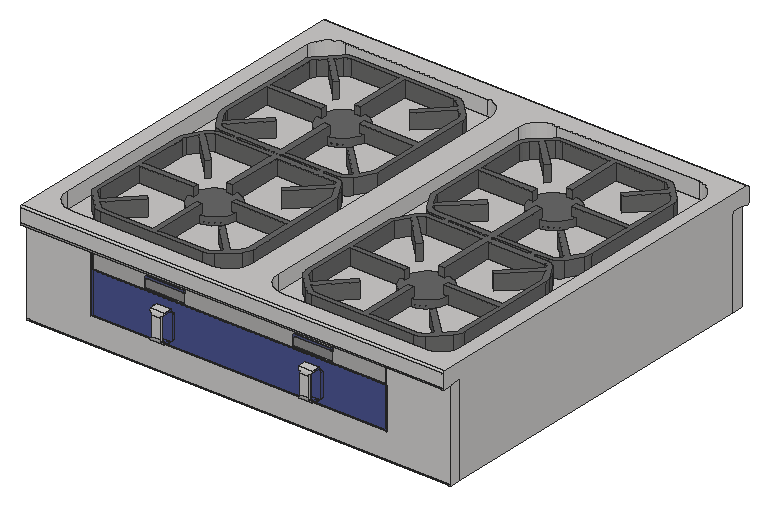
Revit family "QF_ELECTROLUXPROFESSIONAL_593309_MCGHAAJOVO", category Specialty Equipment, Revit 2018
Family settings
  Round Connector Dimension = Use Diameter
  Part Type = Normal
  Work Plane-Based = No
  Always vertical = Yes
  Cut with Voids When Loaded = No
  Shared = No
  Room Calculation Point = No
Parameters (values of type "Standard")
  Weight = 82.00 kg
  Watts = 0 W
  Volts = 0 V
  URL Manufacturer = "http://professional.electrolux.com"
  URL = "http://professional.electrolux.com"
  Steam Supply Size = 0"
  Steam Supply Minimum Pressure = 0.00 psi
  Steam Supply Maximum Pressure = 0.00 psi
  Steam Pounds per Hour = 0
  Refrigeration Suction Line Size = 0 mm
  Refrigeration Liquid Line Size = 0 mm
  Refrigerant Compressor Remote = yes
  Phase = 0
  Model = "MCGHAAJOVO"
  Manufacturer = "Electrolux Professional"
  Length Actual = 1000 mm  # constant formula
  Item Number = "593309"
  Hot Water Size = 0"
  Height Actual = 250 mm  # constant formula
  HP = "0 HP"
  Gas Size = 1/2"
  Gas KW = 34
  Gas Input Pressure = 3.27142 Btu/h
  Direct Waste Size = 0"
  Description = "GAS TOP,4B,TOWNGAS,1S,1000X900X250H"
  Depth Actual = 900 mm  # constant formula
  Cycle = 0 Hz
  Condensate Return Size = 0"
  Compressed Air Volume = 0 GPM
  Compressed Air Size = 0"
  Compressed Air Pressure = 0.00 psi
  Cold Water Size = 0"
  Accessory = yes
Reference planes
  plane 1 "BACK": y = 0
  plane 2: z = 0
  plane 3 "LEFT": x = 0
  plane 4 "RIGHT": x = 1000
  plane 5 "FRONT": y = -900
  plane 6 "TOP": z = 250
  plane 7: x = 500
  plane 8: y = -450
  plane 9: x = 965
  plane 10: y = -60.425
Forms (mm)
  Extrusion 1, solid, material "QF_Finishes_Stainless Steel"
    sketch origin (0, -487.128, 0) x (0, 1, 0) y (0, 0, 1)
      loop
        line (483.128, 250) -> (-408.872, 250)
        arc (-408.872, 250) -> (-411.7, 248.828) -> (-412.872, 246) r 4
        line (-412.872, 246) -> (-412.872, 214)
        arc (-412.872, 214) -> (-411.437, 210.931) -> (-408.161, 210.064) r 4
        line (-408.161, 210.064) -> (-392.872, 213) -> (-367.872, 213) -> (-367.872, 0) -> (442.128, 0) -> (442.128, 213) -> (465.765, 213) -> (482.433, 210.061)
        arc (482.433, 210.061) -> (485.699, 210.936) -> (487.128, 214) r 4
        line (487.128, 214) -> (487.128, 246)
        arc (487.128, 246) -> (485.956, 248.828) -> (483.128, 250) r 4
    from 0 to 1000
  Extrusion 2, void
    sketch origin (653.786, 44.048, 250) x (1, 0, 0) y (0, -1, 0)
      loop
        line (-570.234, 89.462) -> (-234.333, 89.462)
        arc (-234.333, 89.462) -> (-199.707, 103.805) -> (-185.364, 138.432) r 48.97
        line (-185.364, 138.432) -> (-185.364, 850.078)
        arc (-185.364, 850.078) -> (-199.707, 884.705) -> (-234.333, 899.048) r 48.97
        line (-234.333, 899.048) -> (-570.234, 899.048)
        arc (-570.234, 899.048) -> (-605.59, 884.403) -> (-620.234, 849.048) r 50
        line (-620.234, 849.048) -> (-620.234, 139.462)
        arc (-620.234, 139.462) -> (-605.59, 104.107) -> (-570.234, 89.462) r 50
      loop
        line (264.679, 899.048) -> (-71.222, 899.048)
        arc (-71.222, 899.048) -> (-106.577, 884.403) -> (-121.222, 849.048) r 50
        line (-121.222, 849.048) -> (-121.222, 139.462)
        arc (-121.222, 139.462) -> (-106.577, 104.107) -> (-71.222, 89.462) r 50
        line (-71.222, 89.462) -> (264.679, 89.462)
        arc (264.679, 89.462) -> (299.306, 103.805) -> (313.649, 138.432) r 48.97
        line (313.649, 138.432) -> (313.649, 850.078)
        arc (313.649, 850.078) -> (299.306, 884.705) -> (264.679, 899.048) r 48.97
    from 0 to 37
  Extrusion 3, solid, material "QF_Finishes_Stainless Steel"
    sketch origin (10, -759, 0) x (1, 0, 0) y (0, -1, 0)
      loop
        circle (955, -169) r 6.35
    from 0 to 3.2
Cuts and joins
  Extrusion 2 cuts Extrusion 1
Lines and regions (mm)
  symbolic lines
    curve 1: line (0, 0, 0) -> (1000, 0, 0)
    curve 2: line (0, -900, 0) -> (0, 0, 0)
    curve 3: line (1000, -900, 0) -> (0, -900, 0)
    curve 4: line (1000, 0, 0) -> (1000, -900, 0)
    curve 5: arc (83.552, -855, 0) -> (48.197, -840.355, 0) -> (33.552, -805, 0) r 50
    curve 6: line (33.552, -805, 0) -> (33.552, -95.414, 0)
    curve 7: arc (33.552, -95.414, 0) -> (48.197, -60.059, 0) -> (83.552, -45.414, 0) r 50
    curve 8: line (83.552, -45.414, 0) -> (417.592, -45.414, 0)
    curve 9: arc (918.465, -45.414, 0) -> (953.092, -59.757, 0) -> (967.435, -94.384, 0) r 48.97
    curve 10: line (967.435, -94.384, 0) -> (967.435, -806.03, 0)
    curve 11: arc (967.435, -806.03, 0) -> (953.092, -840.657, 0) -> (918.465, -855, 0) r 48.97
    curve 12: line (918.465, -855, 0) -> (582.408, -855, 0)
    curve 13: line (582.408, -45.414, 0) -> (918.465, -45.414, 0)
    curve 14: line (417.592, -855, 0) -> (83.552, -855, 0)
    curve 15: arc (582.408, -855, 0) -> (547.053, -840.355, 0) -> (532.408, -805, 0) r 50
    curve 16: line (532.408, -805, 0) -> (532.408, -95.414, 0)
    curve 17: arc (532.408, -95.414, 0) -> (547.053, -60.059, 0) -> (582.408, -45.414, 0) r 50
    curve 18: arc (417.592, -855, 0) -> (452.947, -840.355, 0) -> (467.592, -805, 0) r 50
    curve 19: line (467.592, -805, 0) -> (467.592, -95.414, 0)
    curve 20: arc (467.592, -95.414, 0) -> (452.947, -60.059, 0) -> (417.592, -45.414, 0) r 50
Dimensions and locks
  plane 3 "LEFT" to plane 4 "RIGHT" = 1000 mm
  plane 5 "FRONT" to plane 1 "BACK" = 900 mm
  equal spacing: plane 3 "LEFT", plane 7, plane 4 "RIGHT"
  equal spacing: plane 5 "FRONT", plane 8, plane 1 "BACK"
  plane 6 "TOP" to level = 250 mm  (x2)
  plane 1 "BACK" to plane 5 "FRONT" = 900 mm
  Extrusion 3 sketch curve to plane 1 "BACK" = 590 mm
  Extrusion 3 sketch curve to plane 4 "RIGHT" = 35 mm
  plane 1 "BACK" to Extrusion 3 = 590 mm
  plane 9 to plane 4 "RIGHT" = 35 mm
  aligned and locked: level to plane 2
  aligned and locked: Extrusion 1 to plane 4 "RIGHT"
Automatic sketch dimensions
  Extrusion 1 sketch curve to plane 5 "FRONT" = 0 mm
  Extrusion 1 sketch curve to plane 6 "TOP" = 0 mm
  Extrusion 1 sketch curve to level = 0 mm
  Extrusion 1 sketch curve to plane 1 "BACK" = 0 mm
  Extrusion 1 sketch curve to plane 6 "TOP" = 37 mm  (x2)
  Extrusion 1 sketch curve to plane 5 "FRONT" = 4 mm
  Extrusion 1 sketch curve to plane 5 "FRONT" = 20 mm
  Extrusion 1 sketch curve to plane 5 "FRONT" = 45 mm
  plane 1 "BACK" to Extrusion 1 sketch curve = 21.363 mm
  plane 1 "BACK" to Extrusion 1 sketch curve = 4 mm  (x2)
  Extrusion 1 sketch curve to Extrusion 1 sketch curve = 4 mm
  Extrusion 1 sketch curve to Extrusion 1 sketch curve = 0.711 mm
  plane 1 "BACK" to Extrusion 1 sketch curve = 4.695 mm
  Extrusion 1 sketch curve to Extrusion 1 sketch curve = 0 mm  (x2)
  Extrusion 1 sketch curve to Extrusion 1 sketch curve = 1 mm  (x2)
  plane 1 "BACK" to Extrusion 1 sketch curve = 45 mm
  plane 1 "BACK" to curve 1 = 0 mm
  curve 1 to plane 4 "RIGHT" = 0 mm
  curve 3 to plane 3 "LEFT" = 0 mm
  plane 5 "FRONT" to curve 3 = 0 mm
  curve 10 to plane 9 = 2.435 mm
  plane 10 to curve 13 = 15.012 mm
  plane 9 to curve 13 = 46.535 mm
  plane 9 to curve 12 = 46.535 mm
  plane 7 to curve 16 = 32.408 mm
  curve 19 to plane 7 = 32.408 mm
  plane 3 "LEFT" to curve 8 = 83.552 mm
  plane 3 "LEFT" to curve 14 = 83.552 mm
  plane 3 "LEFT" to curve 6 = 33.552 mm
  curve 15 to curve 16 = 50 mm
  curve 20 to plane 10 = 34.988 mm
  curve 18 to plane 5 "FRONT" = 45 mm
  curve 19 to curve 18 = 50 mm
  Extrusion 1 to Extrusion 2 sketch curve = 33.552 mm
  Extrusion 1 to Extrusion 2 sketch curve = 41 mm  (x2)
  Extrusion 2 sketch curve to Extrusion 2 sketch curve = 50 mm  (x4)
  Extrusion 1 to Extrusion 2 sketch curve = 41.414 mm
  Extrusion 2 sketch curve to Extrusion 2 sketch curve = 335.901 mm  (x2)
  Extrusion 2 sketch curve to Extrusion 2 sketch curve = 48.97 mm
  Extrusion 2 sketch curve to Extrusion 2 sketch curve = 64.142 mm
  Extrusion 1 to Extrusion 2 sketch curve = 81.535 mm  (x2)
  Extrusion 1 to Extrusion 2 sketch curve = 32.565 mm
  Extrusion 2 sketch curve to Extrusion 2 sketch curve = 1.03 mm
  curve 18 to curve 16 = 0 mm
  plane 10 to curve 8 = 15.012 mm
  curve 16 to plane 10 = 34.988 mm
  radius of Extrusion 3 sketch curve = 6.35 mm
Nested families
  nested 1: "OBT_900_Open Burner" at (250, -450.207, -649.319), type "OBT_900_Open Burner"
  nested 2: "OBT_900_Open Burner" at (750, -450.207, -649.319) x (-1, 0, 0) z (0, 0, 1), type "OBT_900_Open Burner"
  nested 3: "EG_900_1000_Double Range Control Handle Front & Back Panel" at (202.376, -855, -650), type "EG_900_1000_Double Range Control Handle Front & Back Panel"
  nested 4: "EG_900_1000_Double Range Control Handle Front & Back Panel" at (202.376, -45, -650), type "EG_900_1000_Double Range Control Handle Front & Back Panel"
Connectors
  piping at (965, -590, -3.2), diameter 12.8
    settings: on Extrusion 3, index 1, connector inside diameter 0.50394", connector length 0 mm, flow factor 0, pipe flow 0 GPM, pressure drop 0.00 psi, fitting loss kfactor 0, connector angle 0.00°, fixture units 0, engagement length 0 mm, angle of deflection 0.00°, flow configuration 1, flow direction 1, fitting loss method 0, system type 7, joint type 0, gender type 0, connector reference index -1, connector utility 0, adjustable connector no, is connector primary yes, connector description "GAS CONNECTION"
Definition of nested family "OBT_900_Open Burner"
  Reference planes
    plane 1 "Center (Front/Back)": y = 0
    plane 2: z = 0
    plane 3 "Center (Left/Right)": x = 0
    plane 4: x = -186.448
    plane 5: x = 187.435
    plane 6: y = 374.793
    plane 7: y = -374.793
    plane 8: y = -188.326
  Forms (mm)
    Extrusion 1, solid
      sketch origin (2130.573, 56.896, -679.622) x (1, 0, 0) y (0, 1, 0)
        loop
          line (-2137.44, 306.49) -> (-2250.793, 306.49)
          arc (-2250.793, 306.49) -> (-2257.908, 305.075) -> (-2263.94, 301.044) r 18.593
          line (-2263.94, 301.044) -> (-2276.233, 288.751) -> (-2213.48, 225.998) -> (-2221.6, 217.877) -> (-2284.354, 280.631) -> (-2300.33, 264.654)
          arc (-2300.33, 264.654) -> (-2304.433, 258.337) -> (-2305.614, 250.897) r 18.125
          line (-2305.614, 250.897) -> (-2305.614, 138.422) -> (-2175.79, 138.422) -> (-2175.79, 126.938) -> (-2305.614, 126.938) -> (-2305.614, 10.897)
          arc (-2305.614, 10.897) -> (-2304.981, 6.085) -> (-2303.123, 1.601) r 18.593
          line (-2303.123, 1.601) -> (-2290.078, -20.994) -> (-2221.6, 47.483) -> (-2213.48, 39.363) -> (-2284.012, -31.169)
          arc (-2284.012, -31.169) -> (-2278.546, -38.527) -> (-2270.23, -42.379) r 18.593
          line (-2270.23, -42.379) -> (-2137.44, -42.379) -> (-2137.44, 87.464) -> (-2123.707, 87.464) -> (-2123.707, -42.379) -> (-1989.813, -42.379)
          arc (-1989.813, -42.379) -> (-1981.496, -38.527) -> (-1976.031, -31.169) r 18.593
          line (-1976.031, -31.169) -> (-2047.115, 39.915) -> (-2038.994, 48.035) -> (-1969.962, -20.997) -> (-1954.428, 5.916) -> (-1954.428, 126.938) -> (-2085.357, 126.938) -> (-2085.357, 138.422) -> (-1954.428, 138.422) -> (-1954.428, 247.888)
          arc (-1954.428, 247.888) -> (-1956.538, 258.496) -> (-1962.547, 267.489) r 27.72
          line (-1962.547, 267.489) -> (-1975.689, 280.631) -> (-2038.994, 217.325) -> (-2047.115, 225.446) -> (-1983.809, 288.751) -> (-1996.102, 301.044)
          arc (-1996.102, 301.044) -> (-2002.134, 305.075) -> (-2009.25, 306.49) r 18.593
          line (-2009.25, 306.49) -> (-2123.707, 306.49) -> (-2123.707, 177.897) -> (-2137.44, 177.897) -> (-2137.44, 306.49)
        loop
          arc (-2317.021, 10.897) -> (-2315.999, 3.132) -> (-2313.002, -4.103) r 30
          line (-2313.002, -4.103) -> (-2292.795, -39.103)
          arc (-2292.795, -39.103) -> (-2281.814, -50.084) -> (-2266.814, -54.103) r 30
          line (-2266.814, -54.103) -> (-2239.287, -54.103)
          arc (-2239.287, -54.103) -> (-2238.243, -56) -> (-2236.272, -56.896) r 3.438
          arc (-2236.272, -56.896) -> (-2238.243, -57.792) -> (-2239.287, -59.689) r 3.438
          line (-2239.287, -59.689) -> (-2266.814, -59.689)
          arc (-2266.814, -59.689) -> (-2281.814, -63.708) -> (-2292.795, -74.689) r 30
          line (-2292.795, -74.689) -> (-2313.002, -109.689)
          arc (-2313.002, -109.689) -> (-2315.999, -116.924) -> (-2317.021, -124.689) r 30
          line (-2317.021, -124.689) -> (-2317.021, -365.461)
          arc (-2317.021, -365.461) -> (-2314.738, -376.941) -> (-2308.234, -386.674) r 30
          line (-2308.234, -386.674) -> (-2271.975, -422.933)
          arc (-2271.975, -422.933) -> (-2262.253, -429.414) -> (-2250.793, -431.689) r 30
          line (-2250.793, -431.689) -> (-2009.25, -431.689)
          arc (-2009.25, -431.689) -> (-1997.786, -429.412) -> (-1988.062, -422.928) r 30
          line (-1988.062, -422.928) -> (-1951.808, -386.674)
          arc (-1951.808, -386.674) -> (-1945.305, -376.941) -> (-1942.982, -365.461) r 30
          line (-1942.982, -365.461) -> (-1942.982, -116.719) -> (-1967.248, -74.689)
          arc (-1967.248, -74.689) -> (-1978.229, -63.708) -> (-1993.229, -59.689) r 30
          line (-1993.229, -59.689) -> (-2020.319, -59.689)
          arc (-2020.319, -59.689) -> (-2021.979, -57.759) -> (-2024.375, -56.896) r 5
          arc (-2024.375, -56.896) -> (-2021.979, -56.033) -> (-2020.319, -54.103) r 5
          line (-2020.319, -54.103) -> (-1993.229, -54.103)
          arc (-1993.229, -54.103) -> (-1978.229, -50.084) -> (-1967.248, -39.103) r 30
          line (-1967.248, -39.103) -> (-1943.138, 2.656) -> (-1943.138, 254.314)
          arc (-1943.138, 254.314) -> (-1945.839, 264.361) -> (-1951.808, 272.882) r 30
          line (-1951.808, 272.882) -> (-1988.062, 309.136)
          arc (-1988.062, 309.136) -> (-1997.786, 315.62) -> (-2009.25, 317.897) r 30
          line (-2009.25, 317.897) -> (-2250.793, 317.897)
          arc (-2250.793, 317.897) -> (-2262.253, 315.622) -> (-2271.975, 309.141) r 30
          line (-2271.975, 309.141) -> (-2308.234, 272.882)
          arc (-2308.234, 272.882) -> (-2314.738, 263.149) -> (-2317.021, 251.669) r 30
          line (-2317.021, 251.669) -> (-2317.021, 10.897)
        loop
          arc (-2122.397, -54.103) -> (-2124.057, -56.033) -> (-2126.452, -56.896) r 5
          arc (-2126.452, -56.896) -> (-2124.057, -57.759) -> (-2122.397, -59.689) r 5
          line (-2122.397, -59.689) -> (-2035.829, -59.689)
          arc (-2035.829, -59.689) -> (-2034.784, -57.792) -> (-2032.813, -56.896) r 3.438
          arc (-2032.813, -56.896) -> (-2034.784, -56) -> (-2035.829, -54.103) r 3.438
          line (-2035.829, -54.103) -> (-2122.397, -54.103)
        loop
          arc (-2223.778, -54.103) -> (-2225.438, -56.033) -> (-2227.833, -56.896) r 5
          arc (-2227.833, -56.896) -> (-2225.438, -57.759) -> (-2223.778, -59.689) r 5
          line (-2223.778, -59.689) -> (-2137.906, -59.689)
          arc (-2137.906, -59.689) -> (-2136.862, -57.792) -> (-2134.891, -56.896) r 3.438
          arc (-2134.891, -56.896) -> (-2136.862, -56) -> (-2137.906, -54.103) r 3.438
          line (-2137.906, -54.103) -> (-2223.778, -54.103)
        loop
          line (-2137.44, -420.282) -> (-2137.44, -290.439) -> (-2123.707, -290.439) -> (-2123.707, -420.282) -> (-2009.25, -420.282)
          arc (-2009.25, -420.282) -> (-2002.134, -418.867) -> (-1996.102, -414.836) r 18.593
          line (-1996.102, -414.836) -> (-1983.184, -401.918) -> (-2047.115, -337.988) -> (-2038.994, -329.867) -> (-1975.064, -393.798) -> (-1962.547, -381.281)
          arc (-1962.547, -381.281) -> (-1956.538, -372.288) -> (-1954.428, -361.68) r 27.72
          line (-1954.428, -361.68) -> (-1954.428, -250.964) -> (-2085.357, -250.964) -> (-2085.357, -239.48) -> (-1954.428, -239.48) -> (-1954.428, -119.708) -> (-1970.42, -92.003) -> (-2038.994, -160.577) -> (-2047.115, -152.457) -> (-1976.413, -81.755)
          arc (-1976.413, -81.755) -> (-1981.868, -74.971) -> (-1989.813, -71.413) r 18.593
          line (-1989.813, -71.413) -> (-2123.707, -71.413) -> (-2123.707, -200.006) -> (-2137.44, -200.006) -> (-2137.44, -71.413) -> (-2270.23, -71.413)
          arc (-2270.23, -71.413) -> (-2278.175, -74.971) -> (-2283.629, -81.755) r 18.593
          line (-2283.629, -81.755) -> (-2213.48, -151.905) -> (-2221.6, -160.025) -> (-2289.62, -92.005) -> (-2303.123, -115.393)
          arc (-2303.123, -115.393) -> (-2304.981, -119.877) -> (-2305.614, -124.689) r 18.593
          line (-2305.614, -124.689) -> (-2305.614, -239.48) -> (-2175.79, -239.48) -> (-2175.79, -250.964) -> (-2305.614, -250.964) -> (-2305.614, -364.689)
          arc (-2305.614, -364.689) -> (-2304.433, -372.129) -> (-2300.33, -378.446) r 18.125
          line (-2300.33, -378.446) -> (-2284.979, -393.798) -> (-2221.6, -330.419) -> (-2213.48, -338.54) -> (-2276.858, -401.918) -> (-2263.94, -414.836)
          arc (-2263.94, -414.836) -> (-2257.908, -418.867) -> (-2250.793, -420.282) r 18.593
          line (-2250.793, -420.282) -> (-2137.44, -420.282)
      from 1542.072 to 1578.941
    Extrusion 2, solid
      sketch origin (2130.573, 61.122, 0) x (1, 0, 0) y (0, 1, 0)
        loop
          circle (-2130.573, -249.448) r 55
        loop
          circle (-2130.573, 128.455) r 55
      from 862.45 to 879.837
    Extrusion 3, void
      sketch origin (-124.371, -355.785, -22.784) x (-0.587785, -0.809017, 0) y (0, 0, 1)
        loop
          circle (-213.495, 891.283) r 1
      from -67.69 to -35.114
    Extrusion 4, void
      sketch origin (-89.903, -376.417, -22.784) x (-0.422618, -0.906308, 0) y (0, 0, 1)
        loop
          circle (-213.495, 891.283) r 1
      from -74.826 to -35.114
    Extrusion 5, void
      sketch origin (-52.131, -390.093, -22.784) x (-0.241922, -0.970296, 0) y (0, 0, 1)
        loop
          circle (-213.495, 891.283) r 1
      from -67.69 to -35.114
    Extrusion 6, void
      sketch origin (27.702, -394.842, -22.784) x (0.139173, -0.990268, 0) y (0, 0, 1)
        loop
          circle (-213.495, 891.283) r 1
      from -67.69 to -35.114
    Extrusion 7, void
      sketch origin (66.829, -385.74, -22.784) x (0.325568, -0.945519, 0) y (0, 0, 1)
        loop
          circle (-213.495, 891.283) r 1
      from -67.69 to -35.114
    Extrusion 8, void
      sketch origin (103.5, -369.339, -22.784) x (0.5, -0.866025, 0) y (0, 0, 1)
        loop
          circle (-213.495, 891.283) r 1
      from -67.69 to -35.114
    Extrusion 9, void
      sketch origin (136.368, -346.242, -22.784) x (0.656059, -0.75471, 0) y (0, 0, 1)
        loop
          circle (-213.495, 891.283) r 1
      from -67.69 to -35.114
    Extrusion 10, void
      sketch origin (164.225, -317.298, -22.784) x (0.788011, -0.615661, 0) y (0, 0, 1)
        loop
          circle (-213.495, 891.283) r 1
      from -67.69 to -35.114
    Extrusion 11, void
      sketch origin (186.048, -283.571, -22.784) x (0.891007, -0.45399, 0) y (0, 0, 1)
        loop
          circle (-213.495, 891.283) r 1
      from -67.69 to -35.114
    Extrusion 12, void
      sketch origin (201.034, -246.299, -22.784) x (0.961262, -0.275637, 0) y (0, 0, 1)
        loop
          circle (-213.495, 891.283) r 1
      from -67.69 to -35.114
    Extrusion 13, void
      sketch origin (208.566, -166.681, -22.784) x (0.994522, 0.104528, 0) y (0, 0, 1)
        loop
          circle (-213.495, 891.283) r 1
      from -67.69 to -35.114
    Extrusion 14, void
      sketch origin (200.835, -127.26, -22.784) x (0.956305, 0.292372, 0) y (0, 0, 1)
        loop
          circle (-213.495, 891.283) r 1
      from -67.69 to -35.114
    Extrusion 15, void
      sketch origin (185.724, -90.039, -22.784) x (0.882948, 0.469472, 0) y (0, 0, 1)
        loop
          circle (-213.495, 891.283) r 1
      from -67.69 to -35.114
    Extrusion 16, void
      sketch origin (163.788, -56.385, -22.784) x (0.777146, 0.62932, 0) y (0, 0, 1)
        loop
          circle (-213.495, 891.283) r 1
      from -67.69 to -35.114
    Extrusion 17, void
      sketch origin (135.834, -27.534, -22.784) x (0.642788, 0.766044, 0) y (0, 0, 1)
        loop
          circle (-213.495, 891.283) r 1
      from -67.69 to -35.114
    Extrusion 18, void
      sketch origin (102.889, -4.548, -22.784) x (0.48481, 0.87462, 0) y (0, 0, 1)
        loop
          circle (-213.495, 891.283) r 1
      from -67.69 to -35.114
    Extrusion 19, void
      sketch origin (66.163, 11.73, -22.784) x (0.309017, 0.951057, 0) y (0, 0, 1)
        loop
          circle (-213.495, 891.283) r 1
      from -67.69 to -35.114
    Extrusion 20, void
      sketch origin (-52.811, 15.685, -22.784) x (-0.258819, 0.965926, 0) y (0, 0, 1)
        loop
          circle (-213.495, 891.283) r 1
      from -67.69 to -35.114
    Extrusion 21, void
      sketch origin (-90.537, 1.882, -22.784) x (-0.438371, 0.898794, 0) y (0, 0, 1)
        loop
          circle (-213.495, 891.283) r 1
      from -67.69 to -35.114
    Extrusion 22, void
      sketch origin (-124.936, -18.865, -22.784) x (-0.601815, 0.798636, 0) y (0, 0, 1)
        loop
          circle (-213.495, 891.283) r 1
      from -67.69 to -35.114
    Extrusion 23, void
      sketch origin (-154.744, -45.796, -22.784) x (-0.743145, 0.669131, 0) y (0, 0, 1)
        loop
          circle (-213.495, 891.283) r 1
      from -67.69 to -35.114
    Extrusion 24, void
      sketch origin (-178.866, -77.919, -22.784) x (-0.857167, 0.515038, 0) y (0, 0, 1)
        loop
          circle (-213.495, 891.283) r 1
      from -67.69 to -35.114
    Extrusion 25, void
      sketch origin (-196.416, -114.054, -22.784) x (-0.939693, 0.34202, 0) y (0, 0, 1)
        loop
          circle (-213.495, 891.283) r 1
      from -67.69 to -35.114
    Extrusion 26, void
      sketch origin (-204.521, -232.817, -22.784) x (-0.97437, -0.224951, 0) y (0, 0, 1)
        loop
          circle (-213.495, 891.283) r 1
      from -67.69 to -35.114
    Extrusion 27, void
      sketch origin (-192.043, -271.002, -22.784) x (-0.913545, -0.406737, 0) y (0, 0, 1)
        loop
          circle (-213.495, 891.283) r 1
      from -67.69 to -35.114
    Extrusion 28, void
      sketch origin (-172.509, -306.104, -22.784) x (-0.819152, -0.573576, 0) y (0, 0, 1)
        loop
          circle (-213.495, 891.283) r 1
      from -67.69 to -35.114
    Extrusion 29, void
      sketch origin (-146.635, -336.834, -22.784) x (-0.694658, -0.71934, 0) y (0, 0, 1)
        loop
          circle (-213.495, 891.283) r 1
      from -67.69 to -35.114
    Extrusion 30, void
      sketch origin (-124.371, 22.118, -22.784) x (-0.587785, -0.809017, 0) y (0, 0, 1)
        loop
          circle (-213.495, 891.283) r 1
      from -67.69 to -35.114
    Extrusion 31, void
      sketch origin (-89.903, 1.485, -22.784) x (-0.422618, -0.906308, 0) y (0, 0, 1)
        loop
          circle (-213.495, 891.283) r 1
      from -74.826 to -35.114
    Extrusion 32, void
      sketch origin (-52.131, -12.191, -22.784) x (-0.241922, -0.970296, 0) y (0, 0, 1)
        loop
          circle (-213.495, 891.283) r 1
      from -67.69 to -35.114
    Extrusion 33, void
      sketch origin (27.702, -16.939, -22.784) x (0.139173, -0.990268, 0) y (0, 0, 1)
        loop
          circle (-213.495, 891.283) r 1
      from -67.69 to -35.114
    Extrusion 34, void
      sketch origin (66.829, -7.837, -22.784) x (0.325568, -0.945519, 0) y (0, 0, 1)
        loop
          circle (-213.495, 891.283) r 1
      from -67.69 to -35.114
    Extrusion 35, void
      sketch origin (103.5, 8.564, -22.784) x (0.5, -0.866025, 0) y (0, 0, 1)
        loop
          circle (-213.495, 891.283) r 1
      from -67.69 to -35.114
    Extrusion 36, void
      sketch origin (136.368, 31.66, -22.784) x (0.656059, -0.75471, 0) y (0, 0, 1)
        loop
          circle (-213.495, 891.283) r 1
      from -67.69 to -35.114
    Extrusion 37, void
      sketch origin (164.225, 60.604, -22.784) x (0.788011, -0.615661, 0) y (0, 0, 1)
        loop
          circle (-213.495, 891.283) r 1
      from -67.69 to -35.114
    Extrusion 38, void
      sketch origin (186.048, 94.332, -22.784) x (0.891007, -0.45399, 0) y (0, 0, 1)
        loop
          circle (-213.495, 891.283) r 1
      from -67.69 to -35.114
    Extrusion 39, void
      sketch origin (201.034, 131.603, -22.784) x (0.961262, -0.275637, 0) y (0, 0, 1)
        loop
          circle (-213.495, 891.283) r 1
      from -67.69 to -35.114
    Extrusion 40, void
      sketch origin (208.566, 211.222, -22.784) x (0.994522, 0.104528, 0) y (0, 0, 1)
        loop
          circle (-213.495, 891.283) r 1
      from -67.69 to -35.114
    Extrusion 41, void
      sketch origin (200.835, 250.642, -22.784) x (0.956305, 0.292372, 0) y (0, 0, 1)
        loop
          circle (-213.495, 891.283) r 1
      from -67.69 to -35.114
    Extrusion 42, void
      sketch origin (185.724, 287.864, -22.784) x (0.882948, 0.469472, 0) y (0, 0, 1)
        loop
          circle (-213.495, 891.283) r 1
      from -67.69 to -35.114
    Extrusion 43, void
      sketch origin (163.788, 321.518, -22.784) x (0.777146, 0.62932, 0) y (0, 0, 1)
        loop
          circle (-213.495, 891.283) r 1
      from -67.69 to -35.114
    Extrusion 44, void
      sketch origin (135.834, 350.368, -22.784) x (0.642788, 0.766044, 0) y (0, 0, 1)
        loop
          circle (-213.495, 891.283) r 1
      from -67.69 to -35.114
    Extrusion 45, void
      sketch origin (102.889, 373.355, -22.784) x (0.48481, 0.87462, 0) y (0, 0, 1)
        loop
          circle (-213.495, 891.283) r 1
      from -67.69 to -35.114
    Extrusion 46, void
      sketch origin (66.163, 389.633, -22.784) x (0.309017, 0.951057, 0) y (0, 0, 1)
        loop
          circle (-213.495, 891.283) r 1
      from -67.69 to -35.114
    Extrusion 47, void
      sketch origin (-52.811, 393.588, -22.784) x (-0.258819, 0.965926, 0) y (0, 0, 1)
        loop
          circle (-213.495, 891.283) r 1
      from -67.69 to -35.114
    Extrusion 48, void
      sketch origin (-90.537, 379.785, -22.784) x (-0.438371, 0.898794, 0) y (0, 0, 1)
        loop
          circle (-213.495, 891.283) r 1
      from -67.69 to -35.114
    Extrusion 49, void
      sketch origin (-124.936, 359.037, -22.784) x (-0.601815, 0.798636, 0) y (0, 0, 1)
        loop
          circle (-213.495, 891.283) r 1
      from -67.69 to -35.114
    Extrusion 50, void
      sketch origin (-154.744, 332.107, -22.784) x (-0.743145, 0.669131, 0) y (0, 0, 1)
        loop
          circle (-213.495, 891.283) r 1
      from -67.69 to -35.114
    Extrusion 51, void
      sketch origin (-178.866, 299.984, -22.784) x (-0.857167, 0.515038, 0) y (0, 0, 1)
        loop
          circle (-213.495, 891.283) r 1
      from -67.69 to -35.114
    Extrusion 52, void
      sketch origin (-196.416, 263.848, -22.784) x (-0.939693, 0.34202, 0) y (0, 0, 1)
        loop
          circle (-213.495, 891.283) r 1
      from -67.69 to -35.114
    Extrusion 53, void
      sketch origin (-204.521, 145.086, -22.784) x (-0.97437, -0.224951, 0) y (0, 0, 1)
        loop
          circle (-213.495, 891.283) r 1
      from -67.69 to -35.114
    Extrusion 54, void
      sketch origin (-192.043, 106.901, -22.784) x (-0.913545, -0.406737, 0) y (0, 0, 1)
        loop
          circle (-213.495, 891.283) r 1
      from -67.69 to -35.114
    Extrusion 55, void
      sketch origin (-172.509, 71.798, -22.784) x (-0.819152, -0.573576, 0) y (0, 0, 1)
        loop
          circle (-213.495, 891.283) r 1
      from -67.69 to -35.114
    Extrusion 56, void
      sketch origin (-146.635, 41.068, -22.784) x (-0.694658, -0.71934, 0) y (0, 0, 1)
        loop
          circle (-213.495, 891.283) r 1
      from -67.69 to -35.114
  Cuts and joins
    Extrusion 3, Extrusion 4, Extrusion 5, Extrusion 6, Extrusion 7, Extrusion 8, Extrusion 9, Extrusion 10, Extrusion 11, Extrusion 12, Extrusion 13, Extrusion 14, Extrusion 15, Extrusion 16, Extrusion 17, Extrusion 18, Extrusion 19, Extrusion 20, Extrusion 21, Extrusion 22, Extrusion 23, Extrusion 24, Extrusion 25, Extrusion 26, Extrusion 27, Extrusion 28, Extrusion 29, Extrusion 30, Extrusion 31, Extrusion 32, Extrusion 33, Extrusion 34, Extrusion 35, Extrusion 36, Extrusion 37, Extrusion 38, Extrusion 39, Extrusion 40, Extrusion 41, Extrusion 42, Extrusion 43, Extrusion 44, Extrusion 45, Extrusion 46, Extrusion 47, Extrusion 48, Extrusion 49, Extrusion 50, Extrusion 51, Extrusion 52, Extrusion 53, Extrusion 54, Extrusion 55, Extrusion 56 cuts Extrusion 2
    Extrusion 32 cuts Extrusion 1
  Lines and regions (mm)
    symbolic lines
      curve 1: arc (54.699, -182.584, 0) -> (39.289, -149.838, 0) -> (6.867, -133.757, 0) r 55
      curve 2: arc (-54.699, -194.068, 0) -> (-39.289, -226.815, 0) -> (-6.867, -242.896, 0) r 55
      curve 3: line (45.217, -194.068, 0) -> (176.145, -194.068, 0)
      curve 4: line (176.145, -194.068, 0) -> (176.145, -304.784, 0)
      curve 5: arc (176.145, -304.784, 0) -> (174.035, -315.392, 0) -> (168.026, -324.385, 0) r 27.72
      curve 6: line (168.026, -324.385, 0) -> (155.51, -336.902, 0)
      curve 7: line (155.51, -336.902, 0) -> (91.579, -272.971, 0)
      curve 8: line (83.459, -281.092, 0) -> (147.389, -345.022, 0)
      curve 9: line (147.389, -345.022, 0) -> (134.471, -357.94, 0)
      curve 10: arc (134.471, -357.94, 0) -> (128.439, -361.971, 0) -> (121.324, -363.386, 0) r 18.593
      curve 11: line (121.324, -363.386, 0) -> (6.867, -363.386, 0)
      curve 12: line (6.867, -363.386, 0) -> (6.867, -233.543, 0)
      curve 13: line (-6.867, -233.543, 0) -> (-6.867, -363.386, 0)
      curve 14: line (-6.867, -363.386, 0) -> (-120.219, -363.386, 0)
      curve 15: arc (-120.219, -363.386, 0) -> (-127.335, -361.971, 0) -> (-133.367, -357.94, 0) r 18.593
      curve 16: line (-133.367, -357.94, 0) -> (-146.285, -345.022, 0)
      curve 17: line (-146.285, -345.022, 0) -> (-82.906, -281.644, 0)
      curve 18: line (-91.027, -273.523, 0) -> (-154.405, -336.902, 0)
      curve 19: line (-154.405, -336.902, 0) -> (-169.757, -321.55, 0)
      curve 20: arc (-169.757, -321.55, 0) -> (-173.86, -315.233, 0) -> (-175.041, -307.793, 0) r 18.125
      curve 21: line (-175.041, -307.793, 0) -> (-175.041, -194.068, 0)
      curve 22: line (-175.041, -194.068, 0) -> (-45.217, -194.068, 0)
      curve 23: line (-45.217, -182.584, 0) -> (-175.041, -182.584, 0)
      curve 24: line (-175.041, -182.584, 0) -> (-175.041, -67.793, 0)
      curve 25: arc (-175.041, -67.793, 0) -> (-174.407, -62.981, 0) -> (-172.55, -58.497, 0) r 18.593
      curve 26: line (-172.55, -58.497, 0) -> (-159.047, -35.109, 0)
      curve 27: line (-159.047, -35.109, 0) -> (-91.027, -103.129, 0)
      curve 28: line (-82.906, -95.009, 0) -> (-153.056, -24.859, 0)
      curve 29: arc (-153.056, -24.859, 0) -> (-147.601, -18.075, 0) -> (-139.656, -14.517, 0) r 18.593
      curve 30: line (-139.656, -14.517, 0) -> (-6.867, -14.517, 0)
      curve 31: line (-6.867, -14.517, 0) -> (-6.867, -143.11, 0)
      curve 32: line (6.867, -143.11, 0) -> (6.867, -14.517, 0)
      curve 33: line (6.867, -14.517, 0) -> (140.761, -14.517, 0)
      curve 34: arc (140.761, -14.517, 0) -> (148.706, -18.075, 0) -> (154.16, -24.859, 0) r 18.593
      curve 35: line (154.16, -24.859, 0) -> (83.459, -95.561, 0)
      curve 36: line (91.579, -103.681, 0) -> (160.154, -35.107, 0)
      curve 37: line (160.154, -35.107, 0) -> (176.145, -62.812, 0)
      curve 38: line (176.145, -62.812, 0) -> (176.145, -182.584, 0)
      curve 39: line (176.145, -182.584, 0) -> (45.217, -182.584, 0)
      curve 40: line (187.592, -59.823, 0) -> (163.326, -17.793, 0)
      curve 41: arc (163.326, -17.793, 0) -> (152.345, -6.812, 0) -> (137.345, -2.793, 0) r 30
      curve 42: line (137.345, -2.793, 0) -> (110.254, -2.793, 0)
      curve 43: arc (110.254, -2.793, 0) -> (108.594, -0.863, 0) -> (106.199, 0, 0) r 5
      curve 44: arc (106.199, 0, 0) -> (108.594, 0.863, 0) -> (110.254, 2.793, 0) r 5
      curve 45: line (110.254, 2.793, 0) -> (137.345, 2.793, 0)
      curve 46: arc (137.345, 2.793, 0) -> (152.345, 6.812, 0) -> (163.326, 17.793, 0) r 30
      curve 47: line (163.326, 17.793, 0) -> (187.435, 59.552, 0)
      curve 48: line (187.435, 59.552, 0) -> (187.435, 311.21, 0)
      curve 49: arc (187.435, 311.21, 0) -> (184.735, 321.257, 0) -> (178.765, 329.778, 0) r 30
      curve 50: line (178.765, 329.778, 0) -> (142.511, 366.032, 0)
      curve 51: arc (142.511, 366.032, 0) -> (132.788, 372.516, 0) -> (121.324, 374.793, 0) r 30
      curve 52: line (121.324, 374.793, 0) -> (-120.219, 374.793, 0)
      curve 53: arc (-120.219, 374.793, 0) -> (-131.68, 372.518, 0) -> (-141.401, 366.037, 0) r 30
      curve 54: line (-141.401, 366.037, 0) -> (-177.661, 329.778, 0)
      curve 55: arc (-177.661, 329.778, 0) -> (-184.164, 320.045, 0) -> (-186.448, 308.565, 0) r 30
      curve 56: line (-186.448, 308.565, 0) -> (-186.448, 67.793, 0)
      curve 57: arc (-186.448, 67.793, 0) -> (-185.426, 60.028, 0) -> (-182.429, 52.793, 0) r 30
      curve 58: line (-182.429, 52.793, 0) -> (-162.221, 17.793, 0)
      curve 59: arc (-162.221, 17.793, 0) -> (-151.241, 6.812, 0) -> (-136.241, 2.793, 0) r 30
      curve 60: line (-136.241, 2.793, 0) -> (-108.714, 2.793, 0)
      curve 61: arc (-108.714, 2.793, 0) -> (-107.669, 0.896, 0) -> (-105.698, 0, 0) r 3.438
      curve 62: arc (-105.698, 0, 0) -> (-107.669, -0.896, 0) -> (-108.714, -2.793, 0) r 3.438
      curve 63: line (-108.714, -2.793, 0) -> (-136.241, -2.793, 0)
      curve 64: arc (-136.241, -2.793, 0) -> (-151.241, -6.812, 0) -> (-162.221, -17.793, 0) r 30
      curve 65: line (-162.221, -17.793, 0) -> (-182.429, -52.793, 0)
      curve 66: arc (-182.429, -52.793, 0) -> (-185.426, -60.028, 0) -> (-186.448, -67.793, 0) r 30
      curve 67: line (-186.448, -67.793, 0) -> (-186.448, -308.565, 0)
      curve 68: arc (-186.448, -308.565, 0) -> (-184.164, -320.045, 0) -> (-177.661, -329.778, 0) r 30
      curve 69: line (-177.661, -329.778, 0) -> (-141.401, -366.037, 0)
      curve 70: arc (-141.401, -366.037, 0) -> (-131.68, -372.518, 0) -> (-120.219, -374.793, 0) r 30
      curve 71: line (-120.219, -374.793, 0) -> (121.324, -374.793, 0)
      curve 72: arc (121.324, -374.793, 0) -> (132.788, -372.516, 0) -> (142.511, -366.032, 0) r 30
      curve 73: line (142.511, -366.032, 0) -> (178.765, -329.778, 0)
      curve 74: arc (178.765, -329.778, 0) -> (185.269, -320.045, 0) -> (187.552, -308.565, 0) r 30
      curve 75: line (187.592, -308.565, 0) -> (187.592, -59.823, 0)
      curve 76: line (94.745, -2.793, 0) -> (8.177, -2.793, 0)
      curve 77: arc (8.177, -2.793, 0) -> (6.517, -0.863, 0) -> (4.121, 0, 0) r 5
      curve 78: arc (4.121, 0, 0) -> (6.517, 0.863, 0) -> (8.177, 2.793, 0) r 5
      curve 79: line (8.177, 2.793, 0) -> (94.745, 2.793, 0)
      curve 80: arc (94.745, 2.793, 0) -> (95.789, 0.896, 0) -> (97.76, 0, 0) r 3.438
      curve 81: arc (97.76, 0, 0) -> (95.789, -0.896, 0) -> (94.745, -2.793, 0) r 3.438
      curve 82: line (-7.333, -2.793, 0) -> (-93.204, -2.793, 0)
      curve 83: arc (-93.204, -2.793, 0) -> (-94.864, -0.863, 0) -> (-97.26, 0, 0) r 5
      curve 84: arc (-97.26, 0, 0) -> (-94.864, 0.863, 0) -> (-93.204, 2.793, 0) r 5
      curve 85: line (-93.204, 2.793, 0) -> (-7.333, 2.793, 0)
      curve 86: arc (-7.333, 2.793, 0) -> (-6.288, 0.896, 0) -> (-4.317, 0, 0) r 3.438
      curve 87: arc (-4.317, 0, 0) -> (-6.288, -0.896, 0) -> (-7.333, -2.793, 0) r 3.438
      curve 88: line (-6.867, 14.517, 0) -> (-139.656, 14.517, 0)
      curve 89: arc (-139.656, 14.517, 0) -> (-147.973, 18.369, 0) -> (-153.438, 25.727, 0) r 18.593
      curve 90: line (-153.438, 25.727, 0) -> (-82.906, 96.259, 0)
      curve 91: line (-91.027, 104.379, 0) -> (-159.504, 35.902, 0)
      curve 92: line (-159.504, 35.902, 0) -> (-172.55, 58.497, 0)
      curve 93: arc (-172.55, 58.497, 0) -> (-174.407, 62.981, 0) -> (-175.041, 67.793, 0) r 18.593
      curve 94: line (-175.041, 67.793, 0) -> (-175.041, 183.834, 0)
      curve 95: line (-175.041, 183.834, 0) -> (-45.217, 183.834, 0)
      curve 96: line (-45.217, 195.318, 0) -> (-175.041, 195.318, 0)
      curve 97: line (-175.041, 195.318, 0) -> (-175.041, 307.793, 0)
      curve 98: arc (-175.041, 307.793, 0) -> (-173.86, 315.233, 0) -> (-169.757, 321.55, 0) r 18.125
      curve 99: line (-169.757, 321.55, 0) -> (-153.78, 337.527, 0)
      curve 100: line (-153.78, 337.527, 0) -> (-91.027, 274.773, 0)
      curve 101: line (-91.027, 274.773, 0) -> (-82.906, 282.894, 0)
      curve 102: line (-82.906, 282.894, 0) -> (-145.66, 345.647, 0)
      curve 103: line (-145.66, 345.647, 0) -> (-133.367, 357.94, 0)
      curve 104: arc (-133.367, 357.94, 0) -> (-127.335, 361.971, 0) -> (-120.219, 363.386, 0) r 18.593
      curve 105: line (-120.219, 363.386, 0) -> (-6.867, 363.386, 0)
      curve 106: line (-6.867, 363.386, 0) -> (-6.867, 234.793, 0)
      curve 107: line (-6.867, 234.793, 0) -> (6.867, 234.793, 0)
      curve 108: line (6.867, 234.793, 0) -> (6.867, 363.386, 0)
      curve 109: line (6.867, 363.386, 0) -> (121.324, 363.386, 0)
      curve 110: arc (121.324, 363.386, 0) -> (128.439, 361.971, 0) -> (134.471, 357.94, 0) r 18.593
      curve 111: line (134.471, 357.94, 0) -> (146.764, 345.647, 0)
      curve 112: line (146.764, 345.647, 0) -> (83.459, 282.342, 0)
      curve 113: line (91.579, 274.221, 0) -> (154.885, 337.527, 0)
      curve 114: line (154.885, 337.527, 0) -> (168.026, 324.385, 0)
      curve 115: arc (168.026, 324.385, 0) -> (174.035, 315.392, 0) -> (176.145, 304.784, 0) r 27.72
      curve 116: line (176.145, 304.784, 0) -> (176.145, 195.318, 0)
      curve 117: line (176.145, 195.318, 0) -> (45.217, 195.318, 0)
      curve 118: line (45.217, 183.834, 0) -> (176.145, 183.834, 0)
      curve 119: line (176.145, 183.834, 0) -> (176.145, 62.812, 0)
      curve 120: line (176.145, 62.812, 0) -> (160.611, 35.899, 0)
      curve 121: line (160.611, 35.899, 0) -> (91.579, 104.931, 0)
      curve 122: line (83.459, 96.811, 0) -> (154.543, 25.727, 0)
      curve 123: arc (154.543, 25.727, 0) -> (149.077, 18.369, 0) -> (140.761, 14.517, 0) r 18.593
      curve 124: line (140.761, 14.517, 0) -> (6.867, 14.517, 0)
      curve 125: line (6.867, 14.517, 0) -> (6.867, 144.36, 0)
      curve 126: line (6.867, 144.36, 0) -> (-6.867, 144.36, 0)
      curve 127: line (-6.867, 144.36, 0) -> (-6.867, 14.517, 0)
      curve 128: arc (-54.699, 183.834, 0) -> (-39.289, 151.088, 0) -> (-6.867, 135.007, 0) r 55
      curve 129: arc (54.699, 195.318, 0) -> (39.289, 228.065, 0) -> (6.867, 244.146, 0) r 55
      curve 130: arc (-6.867, 244.146, 0) -> (-39.289, 228.065, 0) -> (-54.699, 195.318, 0) r 55
      curve 131: arc (6.867, 135.007, 0) -> (39.289, 151.088, 0) -> (54.699, 183.834, 0) r 55
      curve 132: arc (-6.867, -133.757, 0) -> (-39.289, -149.838, 0) -> (-54.699, -182.584, 0) r 55
      curve 133: arc (6.867, -242.896, 0) -> (39.289, -226.815, 0) -> (54.699, -194.068, 0) r 55
      curve 134: line (-45.217, 183.834, 0) -> (-45.217, 195.318, 0)
      curve 135: line (45.217, 195.318, 0) -> (45.217, 183.834, 0)
      curve 136: line (91.579, 274.221, 0) -> (83.459, 282.342, 0)
      curve 137: line (-91.027, 104.379, 0) -> (-82.906, 96.259, 0)
      curve 138: line (91.579, 104.931, 0) -> (83.459, 96.811, 0)
      curve 139: line (-91.027, -103.129, 0) -> (-82.906, -95.009, 0)
      curve 140: line (83.459, -95.561, 0) -> (91.579, -103.681, 0)
      curve 141: line (45.217, -182.584, 0) -> (45.217, -194.068, 0)
      curve 142: line (-6.867, -143.11, 0) -> (6.867, -143.11, 0)
      curve 143: line (-45.217, -194.068, 0) -> (-45.217, -182.584, 0)
      curve 144: line (6.867, -233.543, 0) -> (-6.867, -233.543, 0)
      curve 145: line (91.579, -272.971, 0) -> (83.459, -281.092, 0)
      curve 146: line (-82.906, -281.644, 0) -> (-91.027, -273.523, 0)
  Dimensions and locks
    plane 5 to plane 4 = 373.883 mm
    equal spacing: Extrusion 1 sketch curve, plane 3 "Center (Left/Right)", Extrusion 1 sketch curve
Definition of nested family "EG_900_1000_Double Range Control Handle Front & Back Panel"
  Reference planes
    plane 1 "Center (Front/Back)": y = 0
    plane 2: z = 0
    plane 3 "Center (Left/Right)": x = 297.624
    plane 4: x = -202.376
    plane 5: x = 797.624
    plane 6: y = -45
  Forms (mm)
    Extrusion 1, solid
      sketch origin (833.217, 829.203, -1.25) x (0, 1, 0) y (0, 0, 1)
        loop
          arc (-854.203, 654.25) -> (-853.324, 652.129) -> (-851.203, 651.25) r 3
          line (-851.203, 651.25) -> (-829.203, 651.25) -> (-829.203, 864.25) -> (-854.203, 864.25) -> (-854.203, 654.25)
      from -1035.593 to -35.593
    Extrusion 2, void
      sketch origin (33.217, 829.203, -1.25) x (1, 0, 0) y (0, 0, 1)
        loop
          line (-85.593, 855.116) -> (-85.593, 713.116) -> (614.407, 713.116) -> (614.407, 855.116) -> (-85.593, 855.116)
      from 848.59 to 854.203
  Cuts and joins
    Extrusion 2 cuts Extrusion 1
  Dimensions and locks
    equal spacing: plane 5, plane 3 "Center (Left/Right)", plane 4
    plane 5 to plane 4 = 1000 mm
    aligned and locked: cut or joined group of Extrusion 1, Extrusion 2 to plane 4
    aligned and locked: plane 5 to cut or joined group of Extrusion 1, Extrusion 2
    aligned and locked: plane 3 "Center (Left/Right)" to nested 2
    aligned and locked: cut or joined group of Extrusion 1, Extrusion 2 to nested 2
  Automatic sketch dimensions
    Extrusion 1 sketch curve to plane 1 "Center (Front/Back)" = 0 mm
    plane 1 "Center (Front/Back)" to Extrusion 1 sketch curve = 22 mm
    Extrusion 1 sketch curve to Extrusion 1 sketch curve = 3 mm
    level to Extrusion 1 sketch curve = 650 mm
    Extrusion 1 sketch curve to Extrusion 1 sketch curve = 210 mm
    plane 4 to Extrusion 2 sketch curve = 150 mm
    Extrusion 2 sketch curve to plane 5 = 150 mm
    level to Extrusion 2 sketch curve = 711.866 mm
    Extrusion 2 sketch curve to Extrusion 2 sketch curve = 142 mm
  Nested families
    nested 1: "Range Control Handle" at (122.624, -28.137, -209.113) x (-1, 0, 0) z (0, 0, 1), type "Range Control Handle"
    nested 2: "glass conrol panel" at (297.624, 280.644, 2.752), type "glass conrol panel"
    nested 3: "Range Control Handle" at (472.624, -28.137, -209.113), type "Range Control Handle"
  Definition of nested family "Range Control Handle"
    Reference planes
      plane 1 "Center (Front/Back)": y = 0
      plane 2: z = 0
      plane 3 "Center (Left/Right)": x = 0
      plane 4: z = 971.092
      plane 5: y = -16.9
    Forms (mm)
      Extrusion 1, solid
        sketch origin (-746.28, 380.497, 208.931) x (-1, 0, 0) y (0, 0, 1)
          loop
            line (-770.101, 786.798) -> (-770.101, 731.649)
            arc (-770.101, 731.649) -> (-769.759, 730.563) -> (-768.855, 729.87) r 1.893
            line (-768.855, 729.87) -> (-763.474, 727.911) -> (-729.81, 727.911) -> (-724.428, 729.87)
            arc (-724.428, 729.87) -> (-723.525, 730.563) -> (-723.183, 731.649) r 1.893
            line (-723.183, 731.649) -> (-723.183, 786.798)
            arc (-723.183, 786.798) -> (-723.529, 787.894) -> (-724.44, 788.593) r 1.91
            line (-724.44, 788.593) -> (-729.683, 790.819) -> (-763.601, 790.819) -> (-768.844, 788.593)
            arc (-768.844, 788.593) -> (-769.755, 787.894) -> (-770.101, 786.798) r 1.91
        from -382.35 to -378.852
      Sweep 2, solid
        path origin (-746.788, 380.496, 208.091) x (0, -1, 0) y (0, 0, 1)
          loop
            line (379.775, 793.281) -> (395.661, 791.048)
            arc (395.661, 791.048) -> (397.781, 787.377) -> (398.517, 783.202) r 12.207
            line (398.517, 783.202) -> (398.517, 737.368)
            arc (398.517, 737.368) -> (397.781, 733.193) -> (395.661, 729.522) r 12.207
            line (395.661, 729.522) -> (379.775, 727.289)
        profile origin (-746.788, -7.222, 1000.256) x (0, -0.139173, 0.990268) y (-1, 0, 0)
          loop
            line (0.782, -763.123) -> (0.782, -730.907) -> (-1.322, -730.907) -> (-1.322, -763.123) -> (0.782, -763.123)
      Sweep 3, solid
        path origin (-746.788, 380.715, 207.832) x (0, -1, 0) y (0, 0, 1)
          loop
            line (380.478, 795.442) -> (397.218, 793.09)
            arc (397.218, 793.09) -> (399.929, 788.473) -> (400.871, 783.202) r 15.207
            line (400.871, 783.202) -> (400.871, 737.584)
            arc (400.871, 737.584) -> (399.914, 732.274) -> (397.164, 727.633) r 15.207
            line (397.164, 727.633) -> (380.601, 725.305)
        profile origin (-746.788, -8.132, 1002.099) x (0, -0.139173, 0.990268) y (-1, 0, 0)
          loop
            line (0.782, -763.123) -> (0.782, -730.907) -> (-1.322, -730.907) -> (-1.322, -763.123) -> (0.782, -763.123)
      Extrusion 4, void
        sketch origin (889.253, 220.666, 207.993) x (1, 0, 0) y (0, 0, 1)
          loop
            line (-943.038, 816.854) -> (-943.038, 703.686) -> (-899.466, 734.196) -> (-899.466, 786.344) -> (-943.038, 816.854)
        from 230.636 to 242.25
      Extrusion 5, void
        sketch origin (-888.8, 220.666, 207.993) x (-1, 0, 0) y (0, 0, -1)
          loop
            line (-943.038, -816.854) -> (-899.466, -786.344) -> (-899.466, -734.196) -> (-943.038, -703.686) -> (-943.038, -816.854)
        from 230.636 to 242.25
      Extrusion 6, solid
        sketch origin (0, 0, 0) x (1, 0, 0) y (0, 0, 1)
          loop
            circle (0, 971.092) r 7.736
        from -3.137 to -1.645
    Cuts and joins
      Extrusion 4, Extrusion 5 cuts Sweep 3
      Extrusion 4, Extrusion 5 cuts Sweep 2
      joined: Extrusion 1, Extrusion 6
    Lines and regions (mm)
      symbolic lines
        curve 1: line (16.334, -16.9, 0) -> (16.334, -19.227, 0)
        curve 2: spline (16.334, -19.227, 0) -> (15.87, -19.385, 0) -> (15.404, -19.536, 0) -> (14.936, -19.678, 0) -> (14.466, -19.813, 0) -> (13.995, -19.94, 0) -> (13.523, -20.059, 0) -> (13.049, -20.171, 0) -> (12.575, -20.274, 0) -> (12.099, -20.37, 0) -> (11.622, -20.458, 0) -> (11.144, -20.537, 0) -> (10.666, -20.609, 0)
        curve 3: line (10.666, -16.9, 0) -> (10.666, -20.938, 0)
        curve 4: line (-10.213, -20.938, 0) -> (10.666, -20.938, 0)
        curve 5: line (-10.213, -20.938, 0) -> (-10.213, -16.9, 0)
        curve 6: spline (-10.213, -20.609, 0) -> (-10.691, -20.537, 0) -> (-11.169, -20.458, 0) -> (-11.646, -20.37, 0) -> (-12.122, -20.274, 0) -> (-12.597, -20.171, 0) -> (-13.07, -20.059, 0) -> (-13.542, -19.94, 0) -> (-14.013, -19.813, 0) -> (-14.483, -19.678, 0) -> (-14.951, -19.536, 0) -> (-15.417, -19.385, 0) -> (-15.881, -19.227, 0)
        curve 7: line (-15.881, -19.227, 0) -> (-15.881, -16.9, 0)
  Definition of nested family "glass conrol panel"
    Reference planes
      plane 1 "Center (Front/Back)": y = 0
      plane 2: z = 0
      plane 3 "Center (Left/Right)": x = 0
    Forms (mm)
      Extrusion 1, solid
        sketch origin (378.286, 0, 0.617) x (1, 0, 0) y (0, 0, 1)
          loop
            line (-728.286, 806.791) -> (-728.286, 708.497) -> (-28.286, 708.497) -> (-28.286, 806.791) -> (-728.286, 806.791)
        from 300.031 to 304.8
      Extrusion 2, solid
        sketch origin (378.286, 0, 0.617) x (1, 0, 0) y (0, 0, 1)
          loop
            line (-728.286, 850.497) -> (-728.286, 806.791) -> (-28.286, 806.791) -> (-28.286, 850.497) -> (-728.286, 850.497)
        from 300.031 to 304.8
      Extrusion 3, void
        sketch origin (378.286, 0, 0.617) x (1, 0, 0) y (0, 0, 1)
          loop
            line (-725.628, 847.565) -> (-725.628, 710.699) -> (-31.196, 710.699) -> (-31.196, 847.565) -> (-725.628, 847.565)
        from 303.697 to 304.8
      Extrusion 4, solid
        sketch origin (-483.309, 1.101, -0.633) x (-1, 0, 0) y (0, 0, -1)
          loop
            line (-261.431, -812.62) -> (-355.186, -812.62) -> (-355.186, -834.177) -> (-350.269, -834.177) -> (-348.469, -835.977) -> (-268.039, -835.977) -> (-266.24, -834.177) -> (-261.431, -834.177) -> (-261.431, -812.62)
        from 304.798 to 306.745
      Extrusion 5, solid
        sketch origin (-483.309, 1.101, -0.633) x (-1, 0, 0) y (0, 0, -1)
          loop
            line (-350.269, -834.177) -> (-355.078, -834.177)
            arc (-355.078, -834.177) -> (-353.942, -838.747) -> (-349.686, -840.763) r 5.5
            line (-349.686, -840.763) -> (-266.98, -840.763)
            arc (-266.98, -840.763) -> (-262.706, -838.752) -> (-261.529, -834.177) r 5.549
            line (-261.529, -834.177) -> (-266.24, -834.177) -> (-268.039, -835.977) -> (-348.469, -835.977) -> (-350.269, -834.177)
        from 304.798 to 306.745
      Extrusion 6, solid
        sketch origin (483.309, 1.101, -0.633) x (1, 0, 0) y (0, 0, 1)
          loop
            line (-261.431, 812.62) -> (-261.431, 834.177) -> (-266.24, 834.177) -> (-268.039, 835.977) -> (-348.469, 835.977) -> (-350.269, 834.177) -> (-355.186, 834.177) -> (-355.186, 812.62) -> (-261.431, 812.62)
        from 304.798 to 306.745
      Extrusion 7, solid
        sketch origin (483.309, 1.101, -0.633) x (1, 0, 0) y (0, 0, 1)
          loop
            line (-350.269, 834.177) -> (-348.469, 835.977) -> (-268.039, 835.977) -> (-266.24, 834.177) -> (-261.529, 834.177)
            arc (-261.529, 834.177) -> (-262.706, 838.752) -> (-266.98, 840.763) r 5.549
            line (-266.98, 840.763) -> (-349.686, 840.763)
            arc (-349.686, 840.763) -> (-353.942, 838.747) -> (-355.078, 834.177) r 5.5
            line (-355.078, 834.177) -> (-350.269, 834.177)
        from 304.798 to 306.745
    Cuts and joins
      Extrusion 3 cuts Extrusion 1
      Extrusion 3 cuts Extrusion 2
    Dimensions and locks
      aligned and locked: Extrusion 1 to Extrusion 2
      aligned and locked: Extrusion 5 sketch curve to Extrusion 4  (x5)
      aligned and locked: Extrusion 5 to Extrusion 4
      aligned and locked: Extrusion 7 sketch curve to Extrusion 6  (x4)
      aligned and locked: Extrusion 6 to Extrusion 7 sketch curve
      aligned and locked: Extrusion 7 to Extrusion 6
